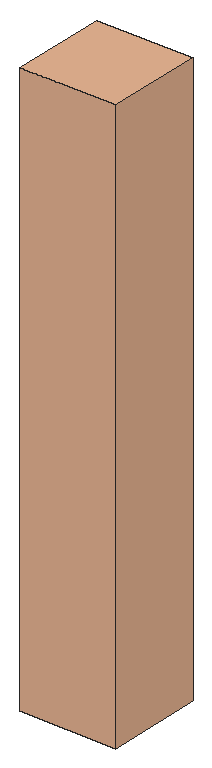
Revit family "EFWallPost", category Structural Columns, Revit 2021
Family settings
  Section Shape = Not Defined
  Material for Model Behavior = Other
  Always export as geometry = No
  Beam cutback in plan = From bounding box
  OmniClass Number = 23.25.30.11.14.11
  OmniClass Title = Columns
  Cut with Voids When Loaded = No
  Symbolic Representation = From Family
  Shared = No
  Show family pre-cut in plan views = Yes
Parameters
  b = 2' - 0"
  d = 2' - 0"
  ParentName = ""
  Height [instance] = 12' - 0"
Reference planes (in)
  plane 1 "Center (Front/Back)": y = 0
  plane 2: z = 0
  plane 3 "Center (Left/Right)": x = 0
  plane 4 "Left": x = -12
  plane 5 "Right": x = 12
  plane 6 "Back": y = 12
  plane 7 "Front": y = -12
Forms (in)
  Extrusion 1, solid, material "Wood"
    sketch origin (0, 0, 0) x (1, 0, 0) y (0, 1, 0)
      loop
        line (12, -12) -> (12, 12) -> (-12, 12) -> (-12, -12) -> (12, -12)
    from 0 to 144
Dimensions and locks (in)
  equal spacing: plane 4 "Left", plane 3 "Center (Left/Right)", plane 5 "Right"
  equal spacing: plane 7 "Front", plane 1 "Center (Front/Back)", plane 6 "Back"
  "d": plane 7 "Front" to plane 6 "Back"
  "b": plane 4 "Left" to plane 5 "Right"
  "Height": Extrusion 1 to Extrusion 1
  aligned and locked: level to plane 2
Automatic sketch dimensions
  Extrusion 1 sketch curve to plane 6 "Back" = 0' - 0"
  Extrusion 1 sketch curve to plane 5 "Right" = 0' - 0"
  plane 7 "Front" to Extrusion 1 sketch curve = 0' - 0"
  plane 4 "Left" to Extrusion 1 sketch curve = 0' - 0"
